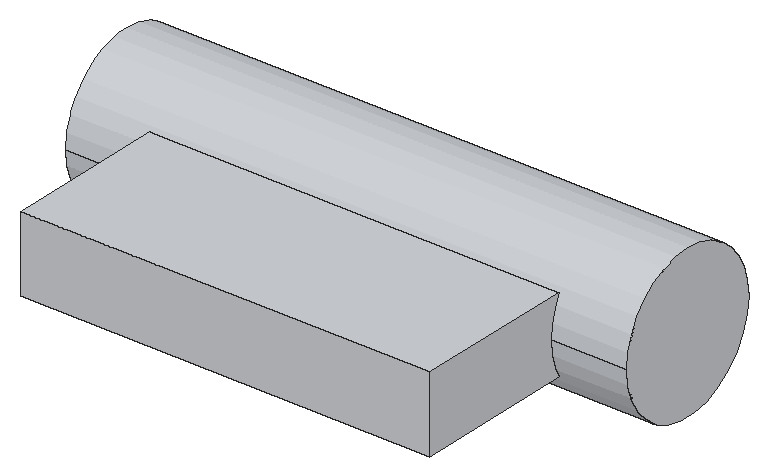
Revit family "Воздухонагреватель DRE", category Оборудование, Revit 2022
Family settings
  Размер круглого соединителя = Использовать диаметр
  Тип детали = Нормальный
  Номер OmniClass = 23.75.00.00
  Заголовок OmniClass = Climate Control (HVAC)
  На основе рабочей плоскости = Нет
  Всегда вертикально = Да
  При загрузке вырезать с полостями = Нет
  Сохранять ориентацию аннотаций = Нет
  Общий = Да
  Точка принадлежности помещению = Нет
Parameters (values of type "DRE 100/0.5")
  ширина нагрева = ADSK_Размер_Диаметр_D / 2  # 50 mm
  высота нагрева = ADSK_Размер_Диаметр_D / 2 + 100 mm  # 150 mm
  Default Elevation = 0 mm
  URL = ""
  Cost = 0
  ADSK_Ток = ADSK_Номинальная мощность / ADSK_Напряжение / ADSK_Количество фаз ^ 0.5  # 2.27273 A
  ADSK_Тепловая мощность = ADSK_Номинальная мощность  # 500 W
  ADSK_Система_Имя [instance] = ""
  ADSK_Расход воздуха = 0.0 m³/h
  ADSK_Размер_Длина_L = 370 mm
  ADSK_Размер_Диаметр_D = 100 mm
  ADSK_Потеря давления воздуха = 0.0 Pa
  ADSK_Полная мощность = ADSK_Напряжение * ADSK_Ток * ADSK_Количество фаз ^ 0.5  # 500 VA
  ADSK_Номинальная мощность = 0.50 kW
  ADSK_Напряжение = 220 V
  ADSK_Наименование краткое = "DRE 100/0.5"
  ADSK_Наименование [instance] = "Воздухонагреватель DRE 100/0.5"
  ADSK_Масса_Текст = "2.63"
  ADSK_Масса = 2.63
  ADSK_Марка = ""
  ADSK_Количество фаз = 1
  ADSK_Количество ступеней = 1 mm
  ADSK_Количество [instance] = 1  # constant formula
  ADSK_Код изделия = ""
  ADSK_Классификация нагрузок = ОВК
  ADSK_Завод-изготовитель = "WAER"  # constant formula
  ADSK_Единица измерения = "шт."  # constant formula
  ADSK_URL страницы изделия = ""
  ADSK_URL документации изделия = ""
Types (24, lengths in mm): name | ширина нагрева | высота нагрева | ADSK_Ток | ADSK_Тепловая мощность | ADSK_Размер_Длина_L | ADSK_Размер_Диаметр_D | ADSK_Полная мощность | ADSK_Номинальная мощность | ADSK_Напряжение | ADSK_Наименование краткое | ADSK_Наименование | ADSK_Масса_Текст | ADSK_Масса | ADSK_Количество фаз | ADSK_Количество ступеней
  DRE 100/0.5 | 50 | 150 | 2.27273 A | 500 W | 370 | 100 | 500 VA | 0.50 kW | 220 V | "DRE 100/0.5" | "Воздухонагреватель DRE 100/0.5" | "2.63" | 2.63 | 1 | 1
  DRE 100/1.5 | 50 | 150 | 6.81818 A | 1500 W | 370 | 100 | 1500 VA | 1.50 kW | 220 V | "DRE 100/1.5" | "Воздухонагреватель DRE 100/1.5" | "2.89" | 2.89 | 1 | 1
  DRE 100/2.0 | 50 | 150 | 9.09091 A | 2000 W | 445 | 100 | 2000 VA | 2.00 kW | 220 V | "DRE 100/2.0" | "Воздухонагреватель DRE 100/2.0" | "3.51" | 3.51 | 1 | 1
  DRE 100/2.5 | 50 | 150 | 11.3636 A | 2500 W | 445 | 100 | 2500 VA | 2.50 kW | 220 V | "DRE 100/2.5" | "Воздухонагреватель DRE 100/2.5" | "3.64" | 3.64 | 1 | 1
  DRE 125/1.5 | 62.5 | 162.5 | 6.81818 A | 1500 W | 370 | 125 | 1500 VA | 1.50 kW | 220 V | "DRE 125/1.5" | "Воздухонагреватель DRE 125/1.5" | "3.43" | 3.43 | 1 | 1
  DRE 125/2.0 | 62.5 | 162.5 | 9.09091 A | 2000 W | 370 | 125 | 2000 VA | 2.00 kW | 220 V | "DRE 125/2.0" | "Воздухонагреватель DRE 125/2.0" | "3.54" | 3.54 | 1 | 1
  DRE 125/2.5 | 62.5 | 162.5 | 11.3636 A | 2500 W | 445 | 125 | 2500 VA | 2.50 kW | 220 V | "DRE 125/2.5" | "Воздухонагреватель DRE 125/2.5" | "3.67" | 3.67 | 1 | 1
  DRE 160/2.0 | 80 | 180 | 9.09091 A | 2000 W | 400 | 160 | 2000 VA | 2.00 kW | 220 V | "DRE 160/2.0" | "Воздухонагреватель DRE 160/2.0" | "4.32" | 4.32 | 1 | 1
  DRE 160/3.0 | 80 | 180 | 13.6364 A | 3000 W | 400 | 160 | 3000 VA | 3.00 kW | 220 V | "DRE 160/3.0" | "Воздухонагреватель DRE 160/3.0" | "4.40" | 4.4 | 1 | 1
  DRE 160/4.5 | 80 | 180 | 20.4545 A | 4500 W | 445 | 160 | 4500 VA | 4.50 kW | 220 V | "DRE 160/4.5" | "Воздухонагреватель DRE 160/4.5" | "4.68" | 4.68 | 1 | 1
  DRE 160/6.0 | 80 | 180 | 9.11606 A | 6000 W | 445 | 160 | 6000 VA | 6.00 kW | 380 V | "DRE 160/6.0" | "Воздухонагреватель DRE 160/6.0" | "6.43" | 6.43 | 3 | 1
  DRE 200/3.0 | 100 | 200 | 13.6364 A | 3000 W | 370 | 200 | 3000 VA | 3.00 kW | 220 V | "DRE 200/3.0" | "Воздухонагреватель DRE 200/3.0" | "5.27" | 5.27 | 1 | 1
  DRE 200/6.0 | 100 | 200 | 9.11606 A | 6000 W | 370 | 200 | 6000 VA | 6.00 kW | 380 V | "DRE 200/6.0" | "Воздухонагреватель DRE 200/6.0" | "6.03" | 6.03 | 3 | 1
  DRE 200/9.0 | 100 | 200 | 13.6741 A | 9000 W | 490 | 200 | 9000 VA | 9.00 kW | 380 V | "DRE 200/9.0" | "Воздухонагреватель DRE 200/9.0" | "7.76" | 7.76 | 3 | 1
  DRE 200/12.0 | 100 | 200 | 18.2321 A | 12000 W | 490 | 200 | 12000 VA | 12.00 kW | 380 V | "DRE 200/12.0" | "Воздухонагреватель DRE 200/12.0" | "8.72" | 8.72 | 3 | 2
  DRE 250/6.0 | 125 | 225 | 9.11606 A | 6000 W | 370 | 250 | 6000 VA | 6.00 kW | 380 V | "DRE 250/6.0" | "Воздухонагреватель DRE 250/6.0" | "7.31" | 7.31 | 3 | 1
  DRE 250/9.0 | 125 | 225 | 13.6741 A | 9000 W | 370 | 250 | 9000 VA | 9.00 kW | 380 V | "DRE 250/9.0" | "Воздухонагреватель DRE 250/9.0" | "8.09" | 8.09 | 3 | 1
  DRE 250/12.0 | 125 | 225 | 18.2321 A | 12000 W | 490 | 250 | 12000 VA | 12.00 kW | 380 V | "DRE 250/12.0" | "Воздухонагреватель DRE 250/12.0" | "10.33" | 10.33 | 3 | 2
  DRE 250/15.0 | 125 | 225 | 22.7901 A | 15000 W | 490 | 250 | 15000 VA | 15.00 kW | 380 V | "DRE 250/15.0" | "Воздухонагреватель DRE 250/15.0" | "10.57" | 10.57 | 3 | 2
  DRE 315/6.0 | 157.5 | 257.5 | 9.11606 A | 6000 W | 370 | 315 | 6000 VA | 6.00 kW | 380 V | "DRE 315/6.0" | "Воздухонагреватель DRE 315/6.0" | "8.86" | 8.86 | 3 | 1
  DRE 315/9.0 | 157.5 | 257.5 | 13.6741 A | 9000 W | 370 | 315 | 9000 VA | 9.00 kW | 380 V | "DRE 315/9.0" | "Воздухонагреватель DRE 315/9.0" | "9.64" | 9.64 | 3 | 1
  DRE 315/12.0 | 157.5 | 257.5 | 18.2321 A | 12000 W | 490 | 315 | 12000 VA | 12.00 kW | 380 V | "DRE 315/12.0" | "Воздухонагреватель DRE 315/12.0" | "12.25" | 12.25 | 3 | 2
  DRE 315/15.0 | 157.5 | 257.5 | 22.7901 A | 15000 W | 490 | 315 | 15000 VA | 15.00 kW | 380 V | "DRE 315/15.0" | "Воздухонагреватель DRE 315/15.0" | "12.49" | 12.49 | 3 | 2
  DRE 315/18.0 | 157.5 | 257.5 | 27.3482 A | 18000 W | 490 | 315 | 18000 VA | 18.00 kW | 380 V | "DRE 315/18.0" | "Воздухонагреватель DRE 315/18.0" | "13.81" | 13.81 | 3 | 2
Reference planes
  plane 1 "Center (Front/Back)": y = 0
  plane 2: z = 0
  plane 3 "Center (Left/Right)": x = 0
  plane 4: x = 135
  plane 5: x = -135
  plane 6: x = 185
  plane 7: x = -185
  plane 8: y = -40
  plane 9: y = 40
  plane 10: y = -150
  plane 11: z = 25
  plane 12: z = -25
Forms (mm)
  Extrusion 1, solid
    sketch origin (0, 0, 0) x (0, 1, 0) y (0, 0, 1)
      loop
        circle (0, 0) r 50
    from -185 to 185
  Extrusion 2, solid
    sketch origin (0, 0, 0) x (0, 1, 0) y (0, 0, 1)
      loop
        line (-150, 25) -> (-150, -25) -> (0, -25) -> (0, 25) -> (-150, 25)
    from -135 to 135
Cuts and joins
  joined: Extrusion 1, Extrusion 2
Dimensions and locks
  equal spacing: Extrusion 1 sketch curve, plane 1 "Center (Front/Back)", Extrusion 1 sketch curve
  equal spacing: Extrusion 1 sketch curve, plane 2, Extrusion 1 sketch curve
  locked: plane 7 to plane 5 at 50
  locked: plane 4 to plane 6 at 50
  equal spacing: plane 7, plane 3 "Center (Left/Right)", plane 6
  "ADSK_Размер_Длина_L": plane 7 to plane 6
  "высота нагрева": plane 10 to plane 1 "Center (Front/Back)"
  equal spacing: plane 11, plane 2, plane 12
  "ширина нагрева": plane 11 to plane 12
  "ADSK_Размер_Диаметр_D": diameter of Extrusion 1 sketch curve
  aligned and locked: level to plane 2
  aligned and locked: Extrusion 1 to plane 7
  aligned and locked: plane 6 to Extrusion 1
  aligned and locked: Extrusion 2 sketch curve to plane 11
  aligned and locked: plane 10 to Extrusion 2 sketch curve
  aligned and locked: plane 12 to Extrusion 2 sketch curve
  aligned and locked: plane 1 "Center (Front/Back)" to Extrusion 2 sketch curve
  aligned and locked: Extrusion 2 to plane 5
  aligned and locked: plane 4 to Extrusion 2
Connectors
  hvac at (-185, 0, 0), driven by "ADSK_Размер_Диаметр_D"
    settings: on Extrusion 1, index 2, duct flow 0.0 m³/h, flow factor 0, pres drop 0.0 Pa, loss coef 0, conn angle 0.00°, conn width 304.8 mm, conn height 304.8 mm, conn diameter 100 mm, duct sys type 29, conn prof type 0, flow config 0, flow direction 0, loss method 0, conn ref index 3, conn util no, is conn primary no, conn desc ""
  hvac at (185, 0, 0), driven by "ADSK_Размер_Диаметр_D"
    settings: on Extrusion 1, index 3, duct flow 0.0 m³/h, flow factor 0, pres drop 0.0 Pa, loss coef 0, conn angle 0.00°, conn width 304.8 mm, conn height 304.8 mm, conn diameter 100 mm, duct sys type 29, conn prof type 0, flow config 0, flow direction 0, loss method 0, conn ref index 2, conn util no, is conn primary yes, conn desc ""
  electrical at (0, -150, 0)
    settings: on cut or joined group of Extrusion 1, Extrusion 2, index 4, voltage 0 V, apparent load 0 VA, apparent load phase1 0 VA, apparent load phase2 0 VA, apparent load phase3 0 VA, power factor 1, load classification "Прочее", number of poles 1, system type 31, power factor state 1, is connector primary yes, connector utility no, sub classification motor no, connector description ""
